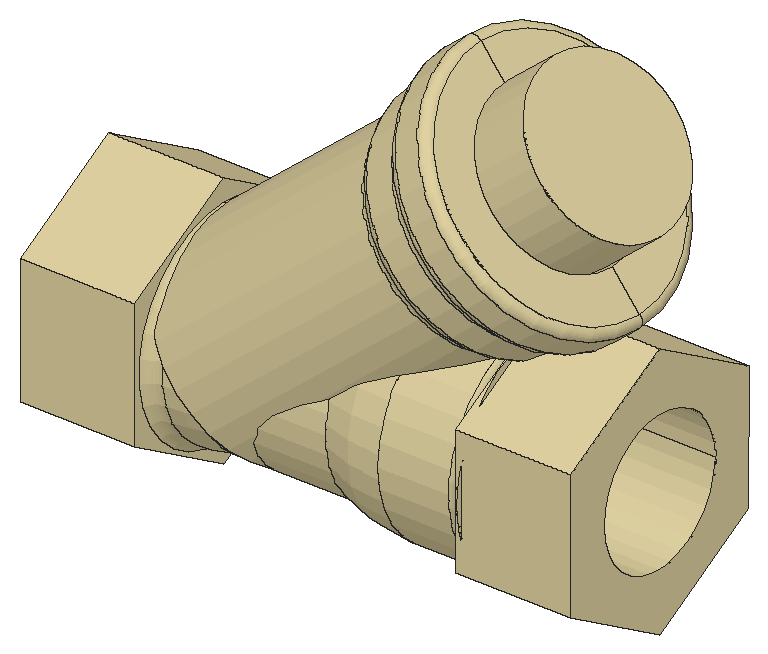
Revit family "DA02070000", category Apparecchi idraulici, Revit 2020
Family settings
  Quota connettore circolare = Usa diametro
  Tipo di parte = Normale
  Numero OmniClass = 23.45.00.00
  Titolo OmniClass = Sanitary, Laundry, and Cleaning Equipment
  Basato su piano di lavoro = No
  Sempre verticale = Sì
  Taglio con vuoti quando caricato = No
  Condiviso = No
  Punto di calcolo locali = No
Parameters
  URL = "https://web.cimberio.com/index.php/figura/1654?subcategoria_id=33"
  Temperatura di esercizio = "-10 ÷ 60°C"
  Prospetto di default = 0 mm
  Produttore = "CIMBERIO SPA"
  Pressione nominale = "PN 20"
  Modello = "Cim 74AGOT"
  Materiale = "Prodotto in lega di ottone conforme alla norma EN 12165-CW617N-DW"
  Descrizione = "Utilizzato nell’impiantistica distributiva di gas a bassa pressione per le categorie:\r\nGas naturali: gas derivati dal petrolio (Metano) e gas di ricambio.\r\nGas di città: prodotti secondo i diversi procedimenti (Cracking - Cokerie - ecc.).\r\nGas liquidi: propano e miscele di gas propano/butano.\r\nProtegge e risolve le problematiche di installazione nella filtrazione dei gas, trattenendo impurità, sabbia, ruggine, trucioli metallici presenti nelle condutture, assicurando così una protezione totale all’impianto"
  DN Model [instance] = DA02071015 : DA02071015
  DN [instance] = 15 mm
  Commenti sul tipo = "Realizzato in ottemperanza ai requisiti gestionali della norma EN ISO 9001.\r\nCollaudato al 100% secondo la normativa EN 12266-1"
Reference planes
  plane 1 "Centro (Fronte/Retro)": y = 0
  plane 2: z = 0
  plane 3 "Centro (Sinistra/Destra)": x = 0
Dimensions and locks
  aligned and locked: level to plane 2
Nested families
  nested 1: "DA02071015" at (0, 0, 0), type <- "DN Model", type "DA02071015"
  nested 2: "DA02071015" at (0, 0, 0), type <- "DN Model", type "DA02071015"
  nested 3: "DA02071015" at (0, 0, 0), type <- "DN Model", type "DA02071015"
  nested 4: "DA02071015" at (0, 0, 0), type <- "DN Model", type "DA02071015"
  nested 5: "DA02071015" at (0, 0, 0), type <- "DN Model", type "DA02071015"
  nested 6: "DA02071015" at (0, 0, 0), type <- "DN Model", type "DA02071015"
Connectors
  piping at (29.509, 0, 0), diameter 15, driven by "DN"
    settings: on nested 1, index 1, connector inside diameter 609.6 mm, connector length 0 mm, flow factor 0, pipe flow 0.0 L/s, pressure drop 0.0 Pa, fitting loss kfactor 0, connector angle 0.00°, fixture units 0, engagement length 0 mm, angle of deflection 0.00°, flow configuration 0, flow direction 0, fitting loss method 0, system type 7, joint type 0, gender type 0, connector reference index -1, connector utility 0, adjustable connector no, is connector primary yes, connector description ""
  piping at (-29.509, 0, 0), diameter 15, driven by "DN"
    settings: on nested 1, index 2, connector inside diameter 609.6 mm, connector length 0 mm, flow factor 0, pipe flow 0.0 L/s, pressure drop 0.0 Pa, fitting loss kfactor 0, connector angle 0.00°, fixture units 0, engagement length 0 mm, angle of deflection 0.00°, flow configuration 0, flow direction 0, fitting loss method 0, system type 22, joint type 0, gender type 0, connector reference index -1, connector utility 0, adjustable connector no, is connector primary no, connector description ""
Definition of nested family "DA02071015"
  Parameters (values of type "DA02071015")
    Default Elevation = 0 mm
  Reference planes
    plane 1 "Centro (Fronte/Retro)": y = 0
    plane 2: z = 0
    plane 3 "Centro (Sinistra/Destra)": x = 0
  Forms (mm)
    Revolve 1, solid
      sketch origin (0, 0, 0) x (1, 0, 0) y (0, 0, 1)
        loop
          arc (-17.201, -11.5) -> (-16.469, -10.768) -> (-15.469, -10.5) r 2
          arc (-15.469, -10.5) -> (-13.599, -10.397) -> (-11.751, -10.088) r 17
          line (-11.751, -10.088) -> (1.718, -10.088)
          arc (1.718, -10.088) -> (5.036, -11.143) -> (8.5, -11.5) r 17
          line (8.5, -11.5) -> (16.046, -11.5)
          arc (16.046, -11.5) -> (17.046, -11.768) -> (17.778, -12.5) r 2
          line (17.778, -12.5) -> (17.778, -7.5) -> (-17.201, -7.5) -> (-17.201, -11.5)
        axis (-17.201, 0) -> (17.778, 0)
      angle from 0 to 360
    Revolve 2, solid
      sketch origin (-1.637, 0, -2.248) x (1, 0, 0) y (0, 0, 1)
        loop
          line (14.995, 35.294) -> (12.02, 38.839)
          arc (12.02, 38.839) -> (11.341, 39.193) -> (10.611, 38.963) r 1
          line (10.611, 38.963) -> (8.249, 36.981)
          arc (8.249, 36.981) -> (8.003, 36.675) -> (7.894, 36.299) r 1
          line (7.894, 36.299) -> (7.799, 35.22)
          arc (7.799, 35.22) -> (7.636, 34.657) -> (7.269, 34.2) r 1.5
          line (7.269, 34.2) -> (4.615, 31.973)
          arc (4.615, 31.973) -> (4.299, 31.384) -> (4.209, 30.722) r 1.886
          arc (4.209, 30.722) -> (4.06, 30.112) -> (3.674, 29.617) r 1.5
          line (3.674, 29.617) -> (-18.87, 10.701) -> (-16.987, 8.457) -> (14.995, 35.294)
        axis (20.545, 28.679) -> (-11.437, 1.842)
      angle from 0 to 360
    Extrusion 3, solid
      sketch origin (0, 0, 0) x (0, 1, 0) y (0, 0, 1)
        loop
          circle (0, 0) r 7.5
        loop
          line (0, 13.75) -> (-11.908, 6.875) -> (-11.908, -6.875) -> (0, -13.75) -> (11.908, -6.875) -> (11.908, 6.875) -> (0, 13.75)
      from -29.509 to -17.201
    Extrusion 4, solid
      sketch origin (15.03, 0, 25.279) x (0, 1, 0) y (-0.642788, 0, 0.766044)
        loop
          circle (0, -1.145) r 8.831
      from 2.712 to 10.707
    Extrusion 5, solid
      sketch origin (0, 0, 0) x (0, 1, 0) y (0, 0, -1)
        loop
          circle (0, 0) r 7.5
        loop
          line (0, -13.75) -> (11.908, -6.875) -> (11.908, 6.875) -> (0, 13.75) -> (-11.908, 6.875) -> (-11.908, -6.875) -> (0, -13.75)
      from -29.509 to -17.201
  Dimensions and locks
    aligned and locked: level to plane 2
